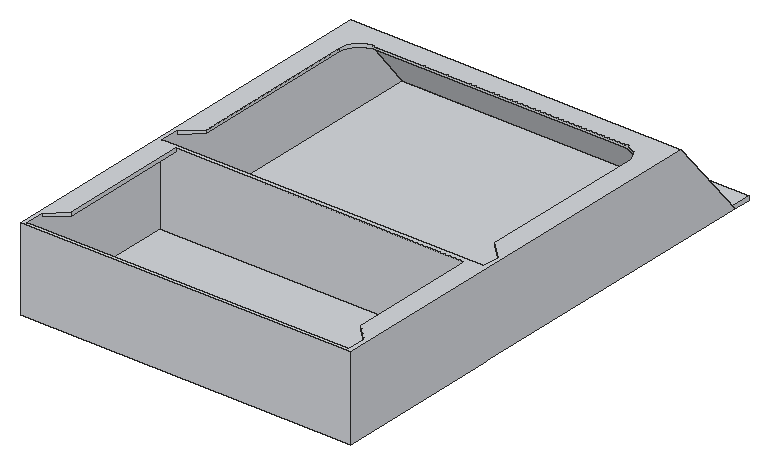
Revit family "WH1182", category Mechanical Equipment, host Face, Revit 2016
Family settings
  Host = Face
  Part Type = Normal
  Round Connector Dimension = Use Diameter
  OmniClass Number = 23.65.70.11.11
  OmniClass Title = Fixtures for Liquids
  Cut with Voids When Loaded = No
  Shared = Yes
  Room Calculation Point = No
Parameters (values of type "WH1182")
  Waste Connection = no
  OVERALL SIZE WIDTH = 12
  Voltage = 0
  Vent Connection = no
  URL = "https://www.acorneng.com/"
  Type Comments = ""
  Tempered Water Connection = no
  Revised Date = "07/23/19"
  Phone# = "(800) 488-8999"
  Model = "WH1182"
  Material = Stainless Steel
  Manufacturer = "WHITEHALL"
  OVERALL SIZE HEIGHT = 18.5
  HW Connection = no
  Designed By = "ACORN BIM DESIGN TEAM"
  Description = "Ligature Resistant Vanity Shelf"
  Default Elevation = 48.000"
  OVERALL DEPTH = 3
  CW Connection = no
  Assembly Code = ""
  Amperage = 0
  WH1182 - Ligature Resistant Vanity Shelf = yes
Reference planes (in)
  plane 1 "Center (Front/Back)": y = 8.1158
  plane 2: z = 0
  plane 3 "Center (Left/Right)": x = 0
  plane 4: z = -7.625
  plane 5: x = -6
  plane 6: x = 6
  plane 7: y = 16.8348
  plane 8: y = -0.6032
  plane 9 "mid shelf": y = 5.5218
  plane 10: y = 17.4598
  plane 11: x = 5.25
  plane 12: x = -5.25
Forms (in)
  Extrusion 1, solid
    sketch origin (7.25, 0, 0) x (1, 0, 0) y (0, 1, 0)
      loop
        line (-13.25, 16.8348) -> (-13.25, -0.6032) -> (-1.25, -0.6032) -> (-1.25, 16.8348) -> (-13.25, 16.8348)
    from 0 to 3
  Extrusion 2, void
    sketch origin (-1.68976, 0, 0) x (0, 0, -1) y (0, 1, 0)
      loop
        line (-3, 16.8348) -> (-3, 14.40698) -> (-0.0019, 16.8348) -> (-3, 16.8348)
    from -4.31024 to 7.68976
  Extrusion 3, void
    sketch origin (-1.661, 0, 0) x (0, 0, -1) y (0, 1, 0)
      loop
        line (-2.89254, -0.4782) -> (-0.1575, -0.4782) -> (-0.1575, 16.52934) -> (-2.89254, 14.36908) -> (-2.89254, -0.4782)
    from -4.18857 to 7.51057
  Extrusion 4, solid
    sketch origin (-1.68976, 0, 0) x (0, 0, -1) y (0, 1, 0)
      loop
        line (0, 17.4598) -> (-0.1575, 17.4598) -> (-0.1575, 16.52934) -> (0, 16.52934) -> (0, 17.4598)
    from -4.31024 to 7.68976
  Extrusion 5, solid
    sketch origin (0, 0, 0) x (1, 0, 0) y (0, 1, 0)
      loop
        line (-6, 5.5218) -> (6, 5.5218) -> (6, 5.6468) -> (-6, 5.6468) -> (-6, 5.5218)
    from 0 to 3
  Extrusion 6, void
    sketch origin (-1.68976, 0, 0) x (0, 0, -1) y (0, 1, 0)
      loop
        line (-0.1575, 16.52934) -> (-2.89005, 14.37105) -> (-2.89005, 13.67179) -> (-3, 13.67179) -> (-3, -0.4782) -> (-0.1575, -0.4782) -> (-0.1575, 16.52934)
    from -3.56024 to 6.93976
  Extrusion 7, void
    sketch origin (0, 0, 0) x (1, 0, 0) y (0, 1, 0)
      loop
        line (-5.25, -0.4782) -> (-5.25, 0.78189) -> (-5.84957, 0.18232) -> (-5.84957, -0.4782) -> (-5.25, -0.4782)
      loop
        line (-5.25, 5.6468) -> (-5.25, 6.90689) -> (-5.84957, 6.30732) -> (-5.84957, 5.6468) -> (-5.25, 5.6468)
    from 2.89254 to 3
  Extrusion 8, void
    sketch origin (0, 0, 0) x (-1, 0, 0) y (0, -1, 0)
      loop
        line (-5.25, 0.4782) -> (-5.84957, 0.4782) -> (-5.84957, -0.18232) -> (-5.25, -0.78189) -> (-5.25, 0.4782)
      loop
        line (-5.25, -5.6468) -> (-5.84957, -5.6468) -> (-5.84957, -6.30732) -> (-5.25, -6.90689) -> (-5.25, -5.6468)
    from 2.89254 to 3
  Extrusion 9, solid
    sketch origin (0, 0, 0) x (1, 0, 0) y (0, 1, 0)
      loop
        arc (-5.25, 12.92179) -> (-5.03033, 13.45212) -> (-4.5, 13.67179) r 0.75
        line (-4.5, 13.67179) -> (-5.25, 13.67179) -> (-5.25, 12.92179)
      loop
        line (5.25, 13.67179) -> (4.5, 13.67179)
        arc (4.5, 13.67179) -> (5.03033, 13.45212) -> (5.25, 12.92179) r 0.75
        line (5.25, 12.92179) -> (5.25, 13.67179)
    from 2.89254 to 3
Cuts and joins
  Extrusion 2, Extrusion 3, Extrusion 6, Extrusion 7, Extrusion 8 cuts Extrusion 1
  Extrusion 7, Extrusion 8 cuts Extrusion 5
  joined: Extrusion 1, Extrusion 5, Extrusion 9
Dimensions and locks (in)
  plane 4 to level = 7.625"
  plane 2 to plane 4 = 7.625"
  host sketch curve to host sketch curve = 12.000"
  plane 3 "Center (Left/Right)" to host face = 6.000"
  plane 1 "Center (Front/Back)" to host sketch curve = 8.719"
  equal spacing: plane 5, plane 3 "Center (Left/Right)", plane 6
  plane 5 to plane 6 = 12.000"
  equal spacing: plane 7, plane 1 "Center (Front/Back)", plane 8
  plane 7 to plane 8 = 17.438"
  Extrusion 4 to cut or joined group 1 (Extrusion 1, Extrusion 2, Extrusion 3, Extrusion 5, Extrusion 6, Extrusion 7, Extrusion 8, Extrusion 9) = 18.063"
  plane 9 "mid shelf" to plane 8 = 6.125"
  Extrusion 3 sketch curve to cut or joined group 1 = 0.125"
  cut or joined group 1 to cut or joined group 1 = 0.73519"
  plane 11 to plane 6 = 0.750"
  plane 5 to plane 12 = 0.750"
  cut or joined group 1 to level = 3.000"
  cut or joined group 1 to cut or joined group 1 = 8.02499"
  cut or joined group 1 to cut or joined group 1 = 6.000"
  angle Extrusion 2 sketch curve to Extrusion 2 sketch curve = 51.00°
  angle cut or joined group 1 to cut or joined group 1 = 51.00°
  aligned and locked: plane 2 to host face
  aligned and locked: level to host face
  aligned and locked: Extrusion 2 to plane 5
  aligned and locked: plane 6 to Extrusion 2
  aligned and locked: Extrusion 1 to plane 5
  aligned and locked: plane 6 to Extrusion 1
  aligned and locked: Extrusion 4 to plane 5
  aligned and locked: plane 6 to Extrusion 4
  aligned and locked: plane 6 to Extrusion 5 sketch curve
  aligned and locked: Extrusion 5 sketch curve to plane 5
  aligned and locked: Extrusion 5 to level
  aligned and locked: cut or joined group 1 to Extrusion 5
  aligned and locked: plane 9 "mid shelf" to Extrusion 5
  aligned and locked: plane 11 to Extrusion 6
  aligned and locked: Extrusion 6 to plane 12
  aligned and locked: Extrusion 3 to Extrusion 7
  aligned and locked: Extrusion 3 to Extrusion 8
Automatic sketch dimensions
  host sketch curve to host sketch curve = 17.438"
  Extrusion 1 sketch curve to plane 5 = 0.000"
  Extrusion 1 sketch curve to plane 6 = 0.000"
  Extrusion 1 sketch curve to plane 8 = 0.000"
  Extrusion 1 sketch curve to plane 7 = 0.000"
  Extrusion 2 sketch curve to plane 7 = 0.000"
  level to Extrusion 2 sketch curve = 3.000"
  level to Extrusion 2 sketch curve = 0.0019"
  level to Extrusion 3 sketch curve = 2.89254"
  level to Extrusion 3 sketch curve = 0.1575"
  Extrusion 3 sketch curve to plane 7 = 2.46572"
  Extrusion 3 sketch curve to plane 7 = 0.30546"
  Extrusion 4 sketch curve to plane 10 = 0.000"
  Extrusion 4 sketch curve to level = 0.000"
  level to Extrusion 4 sketch curve = 0.1575"
  Extrusion 4 sketch curve to plane 7 = 0.30546"
  plane 9 "mid shelf" to Extrusion 5 sketch curve = 0.000"
  Extrusion 5 sketch curve to plane 9 "mid shelf" = 0.125"
  level to Extrusion 6 sketch curve = 3.000"
  Extrusion 6 sketch curve to Extrusion 6 sketch curve = 0.10995"
  level to Extrusion 6 sketch curve = 0.1575"
  plane 8 to Extrusion 6 sketch curve = 0.125"
  Extrusion 6 sketch curve to plane 7 = 3.16301"
  Extrusion 6 sketch curve to Extrusion 6 sketch curve = 0.69926"
  Extrusion 6 sketch curve to plane 7 = 0.30546"
  Extrusion 7 sketch curve to plane 12 = 0.000"  (x2)
  plane 5 to Extrusion 7 sketch curve = 0.15043"  (x2)
  plane 8 to Extrusion 7 sketch curve = 0.125"
  Extrusion 7 sketch curve to Extrusion 7 sketch curve = 0.66052"  (x2)
  Extrusion 7 sketch curve to Extrusion 7 sketch curve = 0.59957"  (x2)
  Extrusion 7 sketch curve to plane 9 "mid shelf" = 0.125"
  Extrusion 8 sketch curve to plane 11 = 0.000"  (x2)
  plane 6 to Extrusion 8 sketch curve = 0.15043"  (x2)
  Extrusion 8 sketch curve to plane 8 = 0.125"
  Extrusion 8 sketch curve to Extrusion 8 sketch curve = 0.66052"  (x2)
  Extrusion 8 sketch curve to Extrusion 8 sketch curve = 0.59957"  (x2)
  plane 9 "mid shelf" to Extrusion 8 sketch curve = 0.125"
  Extrusion 9 sketch curve to plane 12 = 0.000"
  Extrusion 9 sketch curve to plane 11 = 0.000"
  Extrusion 9 sketch curve to Extrusion 9 sketch curve = 0.750"  (x2)
  Extrusion 9 sketch curve to plane 7 = 3.91301"  (x2)
